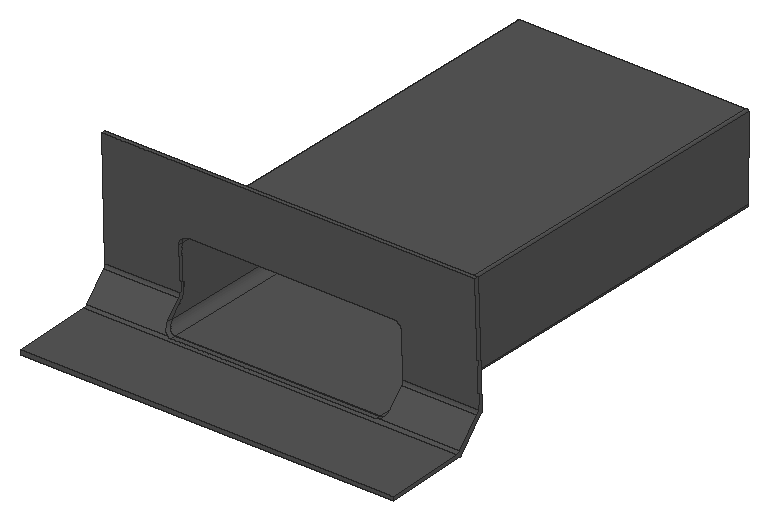
Revit family "Roofing-Aquaknight-Scupper_Chamfer-200x75x400x2deg", category Plumbing Fixtures, Revit 2016
Family settings
  Part Type = Normal
  Round Connector Dimension = Use Diameter
  OmniClass Number = 23.60.30.11
  OmniClass Title = Pipework Products for General Use
  Work Plane-Based = No
  Always vertical = No
  Cut with Voids When Loaded = No
  Shared = No
  Room Calculation Point = No
Parameters (values of type "200x75x400x2deg")
  Waste Connection = yes
  Vent Connection = no
  URL = "www.aquaknight.co.nz"
  Phone = "+6498322214"  # constant formula
  Model = "2100.104"
  Material = Aquanight-Black
  Manufacturer = "Aquanight Industries Ltd"  # constant formula
  Length = 485 mm
  Its Small = not(Its Large)  # no
  Its Large = yes
  HW Connection = no
  Email = "info@aquaknight.co.nz"  # constant formula
  Description = "Membrane Scupper 200x75"
  Connector Y = 40 mm
  CW Connection = no
Reference planes
  plane 1 "Center (Front/Back)": y = 0
  plane 2: z = 0
  plane 3 "Center (Left/Right)": x = 0
  plane 4: y = -100.173
  plane 5: y = 384.827
Forms (mm)
  Extrusion 1, solid, material "Aquanight-Black" <- "Material", visible <- "Its Large"
    sketch origin (0, 0, 0) x (0, 1, 0) y (0, 0, 1)
      loop
        line (-7.392, 136.793) -> (-3.606, 28.38)
        arc (-3.606, 28.38) -> (-3.919, 26.456) -> (-4.944, 24.797) r 5
        line (-4.944, 24.797) -> (-24.256, 4.088)
        arc (-24.256, 4.088) -> (-25.839, 2.948) -> (-27.738, 2.501) r 5
        line (-27.738, 2.501) -> (-100.173, -0.028) -> (-100.051, -3.526) -> (-24.925, -0.903)
        arc (-24.925, -0.903) -> (-24.166, -0.724) -> (-23.532, -0.268) r 2
        line (-23.532, -0.268) -> (-0.55, 24.378)
        arc (-0.55, 24.378) -> (-0.139, 25.041) -> (-0.014, 25.811) r 2
        line (-0.014, 25.811) -> (-3.894, 136.915) -> (-7.392, 136.793)
    from -170 to 170
  Extrusion 2, solid, material "Aquanight-Black" <- "Material", visible <- "Its Large"
    sketch origin (0, 0, 0) x (1, 0, 0) y (0, 0, 1)
      loop
        arc (-103, 80) -> (-104.414, 79.414) -> (-105, 78) r 2
        line (-105, 78) -> (-105, 2)
        arc (-105, 2) -> (-104.414, 0.586) -> (-103, 0) r 2
        line (-103, 0) -> (103, 0)
        arc (103, 0) -> (104.414, 0.586) -> (105, 2) r 2
        line (105, 2) -> (105, 78)
        arc (105, 78) -> (104.414, 79.414) -> (103, 80) r 2
        line (103, 80) -> (-103, 80)
      loop
        arc (-93.501, 76.5) -> (-99.157, 74.157) -> (-101.5, 68.5) r 8
        line (-101.5, 68.5) -> (-101.5, 11.5)
        arc (-101.5, 11.5) -> (-99.157, 5.843) -> (-93.5, 3.5) r 8
        line (-93.5, 3.5) -> (93.5, 3.5)
        arc (93.5, 3.5) -> (99.157, 5.843) -> (101.5, 11.5) r 8
        line (101.5, 11.5) -> (101.5, 68.499)
        arc (101.5, 68.499) -> (99.157, 74.157) -> (93.5, 76.5) r 8
        line (93.5, 76.5) -> (-93.501, 76.5)
    from 25.135 to -384.887
  Extrusion 3, void
    sketch origin (0, 0, 0) x (0, 1, 0) y (0, 0, 1)
      loop
        line (-2.027, 83.448) -> (-66.987, 81.179) -> (-66.987, -2.371) -> (-24.925, -0.903)
        arc (-24.925, -0.903) -> (-24.166, -0.724) -> (-23.532, -0.268) r 2
        line (-23.532, -0.268) -> (-0.55, 24.378)
        arc (-0.55, 24.378) -> (-0.139, 25.041) -> (-0.014, 25.811) r 2
        line (-0.014, 25.811) -> (-2.027, 83.448)
    from -170 to 170
  Extrusion 4, void
    sketch origin (0, 0, 0) x (1, 0, 0) y (0, 0, 1)
      loop
        arc (-93.5, 76.5) -> (-99.157, 74.157) -> (-101.5, 68.5) r 8
        line (-101.5, 68.5) -> (-101.5, 11.5)
        arc (-101.5, 11.5) -> (-99.157, 5.843) -> (-93.5, 3.5) r 8
        line (-93.5, 3.5) -> (93.5, 3.5)
        arc (93.5, 3.5) -> (99.157, 5.843) -> (101.5, 11.5) r 8
        line (101.5, 11.5) -> (101.5, 68.5)
        arc (101.5, 68.5) -> (99.157, 74.157) -> (93.5, 76.5) r 8
        line (93.5, 76.5) -> (-93.5, 76.5)
    from -5.384 to 103.94
Cuts and joins
  Extrusion 3 cuts Extrusion 2
  Extrusion 4 cuts Extrusion 1
Dimensions and locks
  "Length": plane 5 to plane 4
  locked: plane 1 "Center (Front/Back)" to plane 4 at 100.173
  cut or joined group of Extrusion 2, Extrusion 3 to level = 80 mm  (x2)
  cut or joined group of Extrusion 1, Extrusion 4 to cut or joined group of Extrusion 1, Extrusion 4 = 340 mm
  equal spacing: cut or joined group of Extrusion 1, Extrusion 4, plane 3 "Center (Left/Right)", cut or joined group of Extrusion 1, Extrusion 4
  cut or joined group of Extrusion 2, Extrusion 3 to plane 1 "Center (Front/Back)" = 384.887 mm
  aligned and locked: level to plane 2
  aligned and locked: Extrusion 3 sketch curve to Extrusion 1  (x3)
  aligned and locked: Extrusion 4 sketch curve to cut or joined group of Extrusion 2, Extrusion 3  (x5)
Automatic sketch dimensions
  Extrusion 1 sketch curve to Extrusion 1 sketch curve = 1.338 mm
  Extrusion 1 sketch curve to Extrusion 1 sketch curve = 0 mm  (x2)
  level to Extrusion 1 sketch curve = 2.501 mm
  Extrusion 1 sketch curve to level = 0.028 mm
  Extrusion 1 sketch curve to Extrusion 1 sketch curve = 0.739 mm
  Extrusion 3 sketch curve to level = 0.903 mm
  Extrusion 3 sketch curve to level = 0.268 mm
  plane 1 "Center (Front/Back)" to Extrusion 3 sketch curve = 0.55 mm
  plane 1 "Center (Front/Back)" to Extrusion 3 sketch curve = 2.027 mm
  Extrusion 3 sketch curve to level = 2.371 mm
  plane 1 "Center (Front/Back)" to Extrusion 1 sketch curve = 7.392 mm
  Extrusion 1 sketch curve to Extrusion 1 sketch curve = 3.498 mm
  plane 1 "Center (Front/Back)" to Extrusion 1 sketch curve = 0.55 mm
  Extrusion 1 sketch curve to Extrusion 1 sketch curve = 0.122 mm  (x2)
  plane 1 "Center (Front/Back)" to Extrusion 1 sketch curve = 0.014 mm
  Extrusion 1 sketch curve to level = 0.268 mm
  level to Extrusion 1 sketch curve = 24.797 mm
  Extrusion 1 sketch curve to level = 3.526 mm
  Extrusion 1 sketch curve to level = 0.903 mm
  Extrusion 1 sketch curve to Extrusion 1 sketch curve = 72.313 mm
  plane 1 "Center (Front/Back)" to Extrusion 1 sketch curve = 8.603 mm
  plane 1 "Center (Front/Back)" to Extrusion 1 sketch curve = 23.532 mm
  Extrusion 1 sketch curve to Extrusion 1 sketch curve = 1.393 mm
  level to Extrusion 1 sketch curve = 1.096 mm
  Extrusion 1 sketch curve to Extrusion 1 sketch curve = 2.743 mm
  Extrusion 1 sketch curve to Extrusion 1 sketch curve = 0.174 mm
  Extrusion 1 sketch curve to Extrusion 1 sketch curve = 4.394 mm
  Extrusion 1 sketch curve to Extrusion 1 sketch curve = 1.463 mm
  Extrusion 1 sketch curve to Extrusion 1 sketch curve = 4.997 mm
  Extrusion 1 sketch curve to Extrusion 1 sketch curve = 0.42 mm
  Extrusion 1 sketch curve to Extrusion 1 sketch curve = 1.364 mm
  Extrusion 1 sketch curve to Extrusion 1 sketch curve = 3.408 mm
  Extrusion 1 sketch curve to Extrusion 1 sketch curve = 108.413 mm
  plane 1 "Center (Front/Back)" to Extrusion 3 sketch curve = 0.014 mm
  level to Extrusion 3 sketch curve = 81.179 mm
  Extrusion 3 sketch curve to Extrusion 3 sketch curve = 57.636 mm
